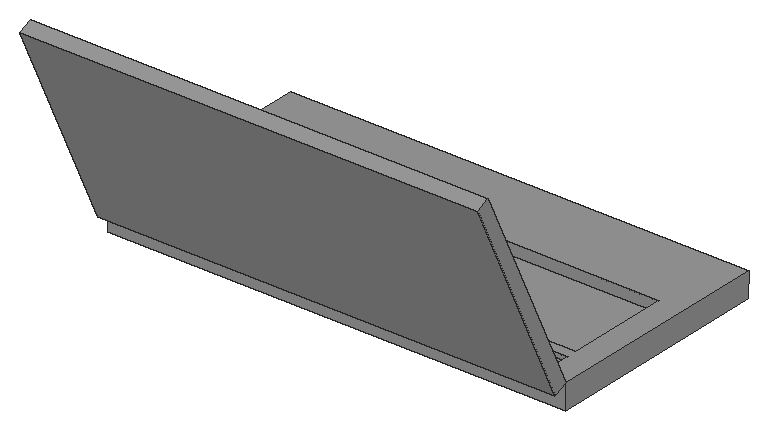
Revit family "Midmark - Laptop for Digital Dental X-Ray", category Specialty Equipment, Revit 2017
Family settings
  Round Connector Dimension = Use Diameter
  Part Type = Normal
  Work Plane-Based = No
  Always vertical = Yes
  Cut with Voids When Loaded = No
  Shared = No
  Room Calculation Point = No
Parameters (values of type "Standard")
  Type Comments = "Laptop"
  Model = "30-08180"
  Manufacturer Phone = ""
  Manufacturer Address = ""
  Manufacturer = "Midmark"
  Desk Height [instance] = 3' - 0"
  Description = ""
  Computer Keyboard Material = Plastic, Opaque Black
  Allowance = ""
Reference planes (in)
  plane 1 "Center (Front/Back)": y = 0
  plane 2: z = 0
  plane 3 "Center (Left/Right)": x = 0
  plane 4 "right": x = 14.75175
  plane 5: x = -1.24115
  plane 6: y = 8
  plane 7 "desk": z = 36
Forms (in)
  Extrusion 1, solid, material "Plastic, Opaque Black" <- "Computer Keyboard Material"
    sketch origin (0, 1.18875, -36) x (0, 1, 0) y (0, 0, 1)
      loop
        line (6.81125, 72.86494) -> (-1.18875, 72.86494) -> (-1.18875, 72) -> (6.81125, 72) -> (6.81125, 72.86494)
    from -1.24115 to 14.75175
  Extrusion 2, void
    sketch origin (0, 0, 36) x (-1, 0, 0) y (0, -1, 0)
      loop
        line (-4.63365, -5.17744) -> (-4.63365, -1.5595) -> (-13.88365, -1.5595) -> (-13.88365, -5.17744) -> (-4.63365, -5.17744)
    from 0.48252 to 1.38985
  Extrusion 3, void
    sketch origin (0, 0, 36) x (-1, 0, 0) y (0, -1, 0)
      loop
        line (-2.44615, -1.18875) -> (-2.44615, -0.52654) -> (-13.88365, -0.52654) -> (-13.88365, -1.18875) -> (-2.44615, -1.18875)
    from 0.71155 to 1.38985
  Extrusion 4, void
    sketch origin (0, 0, 36) x (-1, 0, 0) y (0, -1, 0)
      loop
        line (-2.44615, -5.17744) -> (-2.44615, -1.5595) -> (-4.19615, -1.5595) -> (-4.19615, -5.17744) -> (-2.44615, -5.17744)
    from 0.48252 to 1.38985
  Extrusion 5, void
    sketch origin (0, 0, 36) x (-1, 0, 0) y (0, -1, 0)
      loop
        line (0.36635, -5.17744) -> (0.36635, -1.5595) -> (-2.00865, -1.5595) -> (-2.00865, -5.17744) -> (0.36635, -5.17744)
    from 0.48252 to 1.38985
  Extrusion 6, solid, material "Plastic, Opaque Black"
    sketch origin (0, 0, 0) x (0, 1, 0) y (0, 0, 1)
      loop
        line (0, 36.86494) -> (-3.38095, 44.1154) -> (-3.8341, 43.90409) -> (-0.45315, 36.65363) -> (0, 36.86494)
    from -1.24115 to 14.75175
Cuts and joins
  Extrusion 2, Extrusion 3, Extrusion 4, Extrusion 5 cuts Extrusion 1
Dimensions and locks (in)
  "Desk Height": plane 7 "desk" to level
  plane 5 to plane 4 "right" = 1' - 3.9929"
  plane 6 to plane 1 "Center (Front/Back)" = 0' - 8"
  plane 1 "Center (Front/Back)" to cut or joined group of Extrusion 1, Extrusion 2, Extrusion 3, Extrusion 4, Extrusion 5 = 0' - 8"
  aligned and locked: cut or joined group of Extrusion 1, Extrusion 2, Extrusion 3, Extrusion 4, Extrusion 5 to Extrusion 6
  aligned and locked: Extrusion 6 to cut or joined group of Extrusion 1, Extrusion 2, Extrusion 3, Extrusion 4, Extrusion 5
  aligned and locked: plane 6 to Extrusion 1
Automatic sketch dimensions
  Extrusion 6 sketch curve to plane 1 "Center (Front/Back)" = 0' - 0"
  plane 1 "Center (Front/Back)" to Extrusion 6 sketch curve = 0' - 0.45315"
  plane 1 "Center (Front/Back)" to Extrusion 6 sketch curve = 0' - 3.38095"
  level to Extrusion 6 sketch curve = 3' - 0.65363"
  Extrusion 6 sketch curve to Extrusion 6 sketch curve = 0' - 0.21131"
  Extrusion 1 sketch curve to plane 1 "Center (Front/Back)" = 0' - 0"
  Extrusion 1 sketch curve to plane 6 = 0' - 0"
  Extrusion 1 sketch curve to plane 7 "desk" = 0' - 0"
  plane 7 "desk" to Extrusion 1 sketch curve = 0' - 0.86494"
  plane 4 "right" to Extrusion 2 sketch curve = 0' - 0.8681"
  plane 3 "Center (Left/Right)" to Extrusion 2 sketch curve = 0' - 4.63365"
  Extrusion 2 sketch curve to plane 6 = 0' - 2.82256"
  Extrusion 2 sketch curve to plane 1 "Center (Front/Back)" = 0' - 1.5595"
  plane 3 "Center (Left/Right)" to Extrusion 4 sketch curve = 0' - 4.19615"
  Extrusion 4 sketch curve to Extrusion 4 sketch curve = 0' - 1 3/4"
  Extrusion 4 sketch curve to plane 6 = 0' - 2.82256"
  Extrusion 4 sketch curve to plane 1 "Center (Front/Back)" = 0' - 1.5595"
  plane 4 "right" to Extrusion 3 sketch curve = 0' - 0.8681"
  Extrusion 3 sketch curve to plane 1 "Center (Front/Back)" = 0' - 1.18875"
  plane 3 "Center (Left/Right)" to Extrusion 3 sketch curve = 0' - 2.44615"
  Extrusion 3 sketch curve to plane 1 "Center (Front/Back)" = 0' - 0.52654"
  plane 3 "Center (Left/Right)" to Extrusion 5 sketch curve = 0' - 2.00865"
  Extrusion 5 sketch curve to plane 3 "Center (Left/Right)" = 0' - 0.36635"
  Extrusion 5 sketch curve to plane 6 = 0' - 2.82256"
  Extrusion 5 sketch curve to plane 1 "Center (Front/Back)" = 0' - 1.5595"
